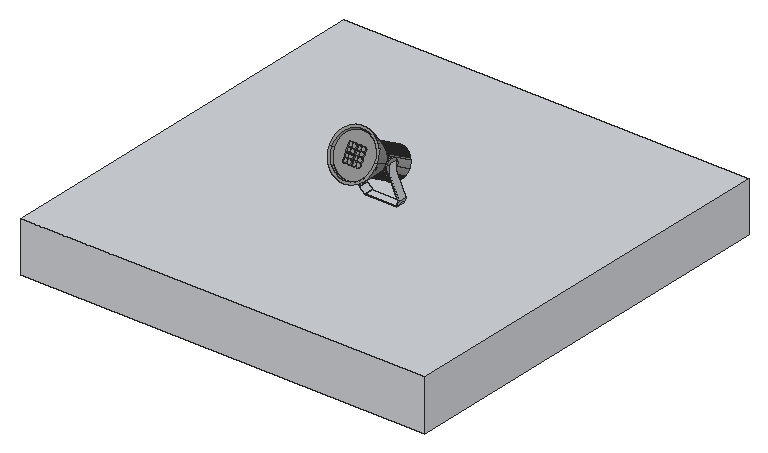
Revit family "LAMP_SHOT 290 G2", category Modelos genéricos, Revit 2018
Family settings
  Anfitrión = Cara
  Puede alojar armadura = No
  Cota de conector redondo = Diámetro de uso
  Tipo de pieza = Normal
  Corte con vacíos al cargar = No
  Compartido = No
  Punto de cálculo de habitación = No
Parameters (values of type "4011LM 3000 SPOT")
  Weight = 8.608 kg
  Type = "HI POWER PHILIPS"
  Tilting [instance] = 30.00°
  Protection rating = "IP65 / IK08"
  Product datasheet = "http://www.lamp.es/product-files/TECH/SH22965SP830NG-EN.pdf"
  Product code = "SH22965SP830NG"
  Product URL = "http://www.lamp.es/en/family/shot_33486"
  Power Supply = "220-240V 50/60Hz"
  Power = 44 W
  Plum = 48 W
  Photometric web file = Cabeza Shot : 4011LM 3000 SPOT
  Modelo = Product code  # "SH22965SP830NG"
  Model explanation = "Availability of tilting between -50º and 215º when placed in a project."
  Manufacturer name = "LAMP"
  Manufacturer country = "Spain"
  Manufacturer URL = "http://www.lamp.es/en"
  MacAdam = "4"
  Luminaire type = "Outdoor - Spotlight"
  Last update = "21/02/2022"
  Lamp = "HIGH POWER LED"
  LED Lifetime = "60.000 L80 B10"
  Insulation class = "I"
  Installation instructions = "http://www.lamp.es/product-files/INS/1003950-D-INSTR.%20SHOT%20LED%20VIAL%20290-380.pdf"
  Initial intensity = 4011 lm
  Initial color = 3000 K
  IEE = "A+"
  Gear = "Electronic"
  Finish = "Texturised grey"
  Fabricante = Manufacturer name  # "LAMP"
  Default Elevation = 1219.2 mm
  Efficacy = 83.6 lm/W
  Descripción = "SHOT 290 G2 6500 8WW SP GR."
  Comentarios de tipo = Model explanation  # "Availability of tilting between -50º and 215º when placed in a project."
  CRI = "80"
  Angulo de rotacion [instance] = if(Tilting > 215.00°, 235.00°, if(Tilting < -50.00°, 140.00°, -Tilting + 90.00°))  # 60.00°
Reference planes
  plane 1 "Centro (Frontal/Posterior)": y = 0
  plane 2: z = 0
  plane 3 "Centro (Izquierda/Derecha)": x = 0
  plane 4: y = -82.648
  plane 5: z = 253.159
Forms (mm)
  Extrusion 1, solid
    sketch origin (0, 0, 0) x (1, 0, 0) y (0, 1, 0)
      loop
        line (-1219.2, 1219.2) -> (-1219.2, -1219.2) -> (1219.2, -1219.2) -> (1219.2, 1219.2) -> (-1219.2, 1219.2)
    from 0 to -304.8
  Extrusion 2, solid
    sketch origin (0, 0, 0) x (0, 1, 0) y (0, 0, 1)
      loop
        line (25, 0) -> (25, 12.8) -> (-56.332, 221.405)
        arc (-56.332, 221.405) -> (-57.353, 224.974) -> (-57.698, 228.67) r 20
        line (-57.698, 228.67) -> (-57.698, 268.209) -> (-62.648, 273.159) -> (-102.648, 273.159) -> (-107.597, 268.209) -> (-107.597, 217.97)
        arc (-107.597, 217.97) -> (-107.253, 214.274) -> (-106.231, 210.705) r 20
        line (-106.231, 210.705) -> (-24.081, 0) -> (25, 0)
      loop
        circle (-64.448, 253.109) r 2.75
      loop
        circle (-100.847, 253.109) r 2.75
      loop
        circle (-82.648, 253.159) r 5.5
    from -117 to 117
  Extrusion 3, void
    sketch origin (0, 0, 0) x (1, 0, 0) y (0, 0, 1)
      loop
        arc (89.665, 4) -> (92.249, 4.719) -> (94.089, 6.67) r 5
        line (94.089, 6.67) -> (113.442, 43.423)
        arc (113.442, 43.423) -> (113.872, 44.553) -> (114.018, 45.753) r 5
        line (114.018, 45.753) -> (114.018, 273.159) -> (-114.018, 273.159) -> (-114.018, 45.214)
        arc (-114.018, 45.214) -> (-113.872, 44.014) -> (-113.442, 42.884) r 5
        line (-113.442, 42.884) -> (-94.373, 6.67)
        arc (-94.373, 6.67) -> (-92.533, 4.719) -> (-89.949, 4) r 5
        line (-89.949, 4) -> (89.665, 4)
      loop
        arc (97.769, 5.074) -> (94.273, 1.367) -> (89.363, 0) r 9.5
        line (89.363, 0) -> (129.363, 0) -> (129.363, 273.159) -> (118.018, 273.159) -> (118.018, 228.964) -> (118.018, 44.764)
        arc (118.018, 44.764) -> (117.872, 43.564) -> (117.442, 42.435) r 5
        line (117.442, 42.435) -> (97.769, 5.074)
      loop
        line (-97.769, 5.074) -> (-117.442, 42.435)
        arc (-117.442, 42.435) -> (-117.872, 43.564) -> (-118.018, 44.764) r 5
        line (-118.018, 44.764) -> (-118.018, 228.964) -> (-118.018, 273.159) -> (-122.492, 273.159) -> (-122.492, 0) -> (-89.363, 0)
        arc (-89.363, 0) -> (-94.273, 1.367) -> (-97.769, 5.074) r 9.5
    from -25 to 107.597
Cuts and joins
  Extrusion 3 cuts Extrusion 2
Lines and regions (mm)
  reference lines
    curve 1: line (0, -82.648, 253.159) -> (0, -135.524, 283.687)
Text (mm)
  text "Any modification of the parameters and properties of the LAMP BIM models must be executed and validated by the LAMP technical department.\nPhone: +34 93 736 68 00\nE-mail: lamp@lamp.es\n\nLAMP reserves the right to modify the technical specifications of its products." at (12642.459, 20030.478, -12024.968), in view "Preview"
Dimensions and locks
  "Angulo de rotacion": angle curve 1 to plane 4
  aligned and locked: plane 2 to Extrusion 1
  aligned and locked: level to Extrusion 1
  aligned and locked: plane 4 to curve 1
  aligned and locked: plane 5 to curve 1
Automatic sketch dimensions
  Extrusion 1 sketch curve to Extrusion 1 sketch curve = 2438.4 mm  (x2)
  Extrusion 2 sketch curve to plane 4 = 0 mm
  Extrusion 2 sketch curve to level = 0 mm
  plane 5 to Extrusion 2 sketch curve = 0 mm
  Extrusion 2 sketch curve to plane 4 = 4.95 mm
  plane 5 to Extrusion 2 sketch curve = 0.05 mm  (x2)
  Extrusion 2 sketch curve to plane 4 = 18.2 mm
  Extrusion 2 sketch curve to plane 4 = 20 mm
  Extrusion 2 sketch curve to Extrusion 2 sketch curve = 18.634 mm
  Extrusion 2 sketch curve to Extrusion 2 sketch curve = 4.95 mm  (x3)
  plane 4 to Extrusion 2 sketch curve = 18.2 mm
  plane 4 to Extrusion 2 sketch curve = 20 mm
  Extrusion 2 sketch curve to Extrusion 2 sketch curve = 1.366 mm
  Extrusion 2 sketch curve to Extrusion 2 sketch curve = 20 mm
  plane 1 "Centro (Frontal/Posterior)" to Extrusion 2 sketch curve = 24.081 mm
  Extrusion 2 sketch curve to plane 1 "Centro (Frontal/Posterior)" = 25 mm
  Extrusion 2 sketch curve to Extrusion 2 sketch curve = 12.8 mm
  plane 5 to Extrusion 2 sketch curve = 42.454 mm
  Extrusion 2 sketch curve to Extrusion 2 sketch curve = 3.435 mm
  Extrusion 2 sketch curve to plane 5 = 15.05 mm  (x2)
  Extrusion 3 sketch curve to level = 0 mm  (x2)
  Extrusion 3 sketch curve to plane 5 = 20 mm  (x2)
  Extrusion 3 sketch curve to plane 3 "Centro (Izquierda/Derecha)" = 122.492 mm
  Extrusion 3 sketch curve to Extrusion 3 sketch curve = 4.474 mm
  level to Extrusion 3 sketch curve = 42.435 mm  (x2)
  Extrusion 3 sketch curve to Extrusion 3 sketch curve = 0.576 mm  (x2)
  Extrusion 3 sketch curve to Extrusion 3 sketch curve = 4 mm  (x5)
  level to Extrusion 3 sketch curve = 42.884 mm
  Extrusion 3 sketch curve to Extrusion 3 sketch curve = 1 mm
  level to Extrusion 3 sketch curve = 5.074 mm  (x2)
  Extrusion 3 sketch curve to Extrusion 3 sketch curve = 24.723 mm
  level to Extrusion 3 sketch curve = 6.67 mm  (x2)
  Extrusion 3 sketch curve to Extrusion 3 sketch curve = 3.396 mm
  Extrusion 3 sketch curve to Extrusion 3 sketch curve = 4.424 mm  (x2)
  Extrusion 3 sketch curve to Extrusion 3 sketch curve = 0.586 mm
  level to Extrusion 3 sketch curve = 9.5 mm
  plane 3 "Centro (Izquierda/Derecha)" to Extrusion 3 sketch curve = 89.363 mm
  Extrusion 3 sketch curve to Extrusion 3 sketch curve = 0.302 mm
  Extrusion 3 sketch curve to Extrusion 3 sketch curve = 19.655 mm
  level to Extrusion 3 sketch curve = 43.423 mm
  Extrusion 3 sketch curve to Extrusion 3 sketch curve = 0.424 mm
  plane 3 "Centro (Izquierda/Derecha)" to Extrusion 3 sketch curve = 114.018 mm
  plane 5 to Extrusion 3 sketch curve = 24.194 mm  (x2)
  Extrusion 3 sketch curve to Extrusion 3 sketch curve = 11.345 mm
  level to Extrusion 3 sketch curve = 4 mm
  Extrusion 3 sketch curve to Extrusion 3 sketch curve = 0 mm
  radius of Extrusion 2 sketch curve = 2.75 mm  (x2)
  radius of Extrusion 2 sketch curve = 5.5 mm
Nested families
  nested 1: "Cabeza Shot" at (0, -1460.927, 1048.909) x (-1, 0, 0) z (0, 0.866, -0.5), type <- "Photometric web file", type "4011LM 3000 SPOT"
Connectors
  electrical at (0, 100.637, 203.616)
    settings: on nested 1, index 1, voltage 230 V, apparent load 0 VA, apparent load phase1 0 VA, apparent load phase2 0 VA, apparent load phase3 0 VA, power factor 1, load classification "Otro", number of poles 1, system type 31, power factor state 1, is connector primary yes, connector utility no, sub classification motor no, connector description ""
Definition of nested family "Cabeza Shot"
  Parameters (values of type "4400LM 4000 STREET")
    Tilt Angle = 90.00°
    Wattage = 48 W
    built-in parameter 1150110 = 1 (stored number, unit not read)
    Material serigrafiado = none
    Material cristal = none
    Material cabeza = none
    built-in parameter 1114217 = 1 (stored number, unit not read)
    built-in parameter 1150109 = 1 (stored number, unit not read)
    Default Elevation = 1219.2 mm
    Dist. luz = 20 mm
    built-in parameter 1150134 = 12
    built-in parameter 1150113 = 1 (stored number, unit not read)
    Lumens = 4401.6 lm
    built-in parameter 1150115 = 1 (stored number, unit not read)
    built-in parameter 1150105 = 18518.3 (stored number, unit not read)
    built-in parameter 1150137 = (empty or 0)
    built-in parameter 1150139 = (empty or 0)
    built-in parameter 1150112 = 1 (stored number, unit not read)
    built-in parameter 1150114 = 1 (stored number, unit not read)
    built-in parameter 1150132 = 2
    built-in parameter 1150102 = (empty or 0)
    built-in parameter 1150138 = (empty or 0)
    built-in parameter 1150107 = 4000 (stored number, unit not read)
    built-in parameter 1150106 = 185.18 (stored number, unit not read)
    built-in parameter 1150104 = 8.5192 (stored number, unit not read)
    Dimming Lamp Color Temperature Shift = (empty or 0)
    Color Filter = 16777215
    built-in parameter 1114218 = 1 (stored number, unit not read)
    Photometric Web File = "SH22965ST840NG.IES"
    built-in parameter 1150133 = 10 (stored number, unit not read)
  Types (7, lengths in mm): name | built-in parameter 1150134 | Lumens | built-in parameter 1150105 | built-in parameter 1150107 | built-in parameter 1150106 | built-in parameter 1150104 | Photometric Web File
    (no name) | 12 | 4401.6 lm | 18518.3 (stored number, unit not read) | 4000 (stored number, unit not read) | 185.18 (stored number, unit not read) | 8.5192 (stored number, unit not read) | "SH22965ST840NG.IES"
    4011LM 3000 SPOT | (empty or 0) | 4012.8 lm | 319.33 (stored number, unit not read) | 3000 (stored number, unit not read) | 3.1933 (stored number, unit not read) | 7.7667 (stored number, unit not read) | "SH22965SP830NG.IES"
    4068LM 3000 MEDIUM FLOOD | (empty or 0) | 4070.4 lm | 41109.7 (stored number, unit not read) | 3000 (stored number, unit not read) | 411.1 (stored number, unit not read) | 7.8782 (stored number, unit not read) | "SH22965MF830NG.IES"
    4179LM 3000 STREET | (empty or 0) | 4180.8 lm | 17589.3 (stored number, unit not read) | 3000 (stored number, unit not read) | 175.89 (stored number, unit not read) | 8.0919 (stored number, unit not read) | "SH22965ST830NG.IES"
    4223LM 4000 SPOT | 12 | 4224 lm | 3234.5 (stored number, unit not read) | 4000 (stored number, unit not read) | 32.345 (stored number, unit not read) | 8.1755 (stored number, unit not read) | "SH22965SP840NG.IES"
    4282LM 4000 MEDIUM FLOOD | 12 | 4281.6 lm | 43242.7 (stored number, unit not read) | 4000 (stored number, unit not read) | 432.43 (stored number, unit not read) | 8.287 (stored number, unit not read) | "SH22965MF840NG.IES"
    4400LM 4000 STREET | 12 | 4401.6 lm | 18518.3 (stored number, unit not read) | 4000 (stored number, unit not read) | 185.18 (stored number, unit not read) | 8.5192 (stored number, unit not read) | "SH22965ST840NG.IES"
  Reference planes
    plane 1 "Eje de origen de luz (F/P)": y = 0
    plane 2: z = 0
    plane 3 "Eje de origen de luz (I/D)": x = 0
    plane 4 "Elevación de origen de luz": z = 1400
    plane 5: z = 1420
  Forms (mm)
    Extrusion 1, void
      sketch origin (0, 0, 1515) x (0, -1, 0) y (1, 0, 0)
        loop
          line (-12.5, -89.128) -> (-12.5, -53.047)
          arc (-12.5, -53.047) -> (-54.5, 0) -> (-12.5, 53.047) r 54.5
          line (-12.5, 53.047) -> (-12.5, 89.128) -> (-92.5, 89.128) -> (-92.5, -89.128) -> (-12.5, -89.128)
        loop
          line (12.5, -89.128) -> (92.5, -89.128) -> (92.5, 89.128) -> (12.5, 89.128) -> (12.5, 53.047)
          arc (12.5, 53.047) -> (54.5, 0) -> (12.5, -53.047) r 54.5
          line (12.5, -53.047) -> (12.5, -89.128)
      from 20 to 65
    Extrusion 2, solid, material <- "Material serigrafiado"
      sketch origin (0, 0, 1411) x (0, -1, 0) y (1, 0, 0)
        loop
          circle (0, 0) r 128.984
        loop
          line (-52.5, -2) -> (-52.5, -52.5) -> (-2, -52.5) -> (-2, -2) -> (-52.5, -2)
        loop
          line (52.5, -2) -> (2, -2) -> (2, -52.5) -> (52.5, -52.5) -> (52.5, -2)
        loop
          line (-52.5, 2) -> (-2, 2) -> (-2, 52.5) -> (-52.5, 52.5) -> (-52.5, 2)
        loop
          line (52.5, 2) -> (52.5, 52.5) -> (2, 52.5) -> (2, 2) -> (52.5, 2)
      from 19 to 29
    Extrusion 3, solid, material <- "Material cristal"
      sketch origin (0, 0, 1411) x (0, -1, 0) y (1, 0, 0)
        loop
          circle (-39.875, -39.875) r 12.5
        loop
          circle (-39.875, -14.525) r 12.5
        loop
          circle (-14.625, -39.875) r 12.5
        loop
          circle (-14.625, -14.525) r 12.5
        loop
          circle (-39.875, 39.875) r 12.5
        loop
          circle (-39.875, 14.525) r 12.5
        loop
          circle (-14.625, 39.875) r 12.5
        loop
          circle (-14.625, 14.525) r 12.5
        loop
          circle (39.875, -39.875) r 12.5
        loop
          circle (39.875, -14.525) r 12.5
        loop
          circle (14.625, -39.875) r 12.5
        loop
          circle (14.625, -14.525) r 12.5
        loop
          circle (39.875, 39.875) r 12.5
        loop
          circle (39.875, 14.525) r 12.5
        loop
          circle (14.625, 39.875) r 12.5
        loop
          circle (14.625, 14.525) r 12.5
      from 19 to 29
    Extrusion 4, solid
      sketch origin (0, 0, 1410) x (0, -1, 0) y (1, 0, 0)
        loop
          arc (7.451, -19.911) -> (7.978, -19.693) -> (8.196, -19.165) r 0.745
          line (8.196, -19.165) -> (8.196, -14.626)
          arc (8.196, -14.626) -> (8.052, -14.176) -> (7.673, -13.893) r 0.775
          line (7.673, -13.893) -> (-5.522, -9.353) -> (7.601, -4.838)
          arc (7.601, -4.838) -> (7.957, -4.572) -> (8.092, -4.15) r 0.727
          line (8.092, -4.15) -> (8.092, -0.729)
          arc (8.092, -0.729) -> (7.879, -0.213) -> (7.363, 0) r 0.729
          line (7.363, 0) -> (-5.453, 0) -> (-1.499, 3.954) -> (-5.605, 8.059) -> (7.489, 8.059)
          arc (7.489, 8.059) -> (7.989, 8.267) -> (8.196, 8.767) r 0.708
          line (8.196, 8.767) -> (8.196, 13.844)
          arc (8.196, 13.844) -> (7.972, 14.385) -> (7.43, 14.61) r 0.766
          line (7.43, 14.61) -> (-4.969, 14.61)
          arc (-4.969, 14.61) -> (-5.493, 14.826) -> (-5.71, 15.35) r 0.74
          line (-5.71, 15.35) -> (-5.71, 18.794)
          arc (-5.71, 18.794) -> (-5.486, 19.333) -> (-4.947, 19.556) r 0.762
          line (-4.947, 19.556) -> (-2.345, 19.556)
          arc (-2.345, 19.556) -> (-1.81, 19.334) -> (-1.588, 18.799) r 0.758
          line (-1.588, 18.799) -> (-1.588, 15.627)
          arc (-1.588, 15.627) -> (-0.763, 14.803) -> (0.061, 15.627) r 0.824
          line (0.061, 15.627) -> (0.061, 20.466)
          arc (0.061, 20.466) -> (-0.155, 20.988) -> (-0.678, 21.205) r 0.739
          line (-0.678, 21.205) -> (-6.583, 21.205)
          arc (-6.583, 21.205) -> (-7.131, 20.978) -> (-7.359, 20.429) r 0.776
          line (-7.359, 20.429) -> (-7.359, 13.727)
          arc (-7.359, 13.727) -> (-7.134, 13.185) -> (-6.593, 12.961) r 0.766
          line (-6.593, 12.961) -> (5.802, 12.961)
          arc (5.802, 12.961) -> (6.344, 12.736) -> (6.569, 12.195) r 0.766
          line (6.569, 12.195) -> (6.569, 10.499)
          arc (6.569, 10.499) -> (6.346, 9.96) -> (5.807, 9.737) r 0.762
          line (5.807, 9.737) -> (-5.841, 9.737)
          arc (-5.841, 9.737) -> (-7.503, 8.541) -> (-6.897, 6.585) r 1.753
          line (-6.897, 6.585) -> (-4.266, 3.954) -> (-6.897, 1.323)
          arc (-6.897, 1.323) -> (-7.503, -0.633) -> (-5.841, -1.829) r 1.753
          line (-5.841, -1.829) -> (5.62, -1.829)
          arc (5.62, -1.829) -> (6.553, -2.619) -> (5.928, -3.669) r 0.946
          line (5.928, -3.669) -> (-6.305, -7.877)
          arc (-6.305, -7.877) -> (-7.359, -9.353) -> (-6.305, -10.829) r 1.561
          line (-6.305, -10.829) -> (6.05, -15.078)
          arc (6.05, -15.078) -> (6.426, -15.359) -> (6.569, -15.805) r 0.768
          line (6.569, -15.805) -> (6.569, -17.529)
          arc (6.569, -17.529) -> (6.354, -18.047) -> (5.836, -18.262) r 0.733
          line (5.836, -18.262) -> (-6.622, -18.262)
          arc (-6.622, -18.262) -> (-7.446, -19.086) -> (-6.622, -19.911) r 0.824
          line (-6.622, -19.911) -> (7.451, -19.911)
      from 365 to 366
    Revolve 5, solid, material <- "Material cabeza"
      sketch origin (0, 0, 125) x (1, 0, 0) y (0, 0, 1)
        loop
          line (90, 1420) -> (90, 1650) -> (0, 1650) -> (0, 1420) -> (85, 1420) -> (90, 1420)
        axis (0, 1650) -> (0, 1420)
      angle from 0 to 360
    Extrusion 6, void
      sketch origin (0, 0, 1525) x (0, -1, 0) y (1, 0, 0)
        loop
          arc (77.945, -53.1) -> (79.496, -50.873) -> (80.98, -48.6) r 90
          line (80.98, -48.6) -> (-80.88, -48.6)
          arc (-80.88, -48.6) -> (-79.408, -50.873) -> (-77.868, -53.1) r 90
          line (-77.868, -53.1) -> (77.945, -53.1)
        loop
          arc (89.817, -46) -> (91.051, -43.767) -> (92.221, -41.5) r 90
          line (92.221, -41.5) -> (-85.289, -41.5)
          arc (-85.289, -41.5) -> (-84.068, -43.768) -> (-82.784, -46) r 90
          line (-82.784, -46) -> (89.817, -46)
        loop
          arc (90.244, -38.9) -> (91.27, -36.664) -> (92.234, -34.4) r 90
          line (92.234, -34.4) -> (-88.096, -34.4)
          arc (-88.096, -34.4) -> (-87.105, -36.664) -> (-86.053, -38.9) r 90
          line (-86.053, -38.9) -> (90.244, -38.9)
        loop
          arc (93.151, -31.8) -> (93.98, -29.511) -> (94.747, -27.2) r 90
          line (94.747, -27.2) -> (-90.762, -27.2)
          arc (-90.762, -27.2) -> (-90.003, -29.511) -> (-89.182, -31.8) r 90
          line (-89.182, -31.8) -> (93.151, -31.8)
        loop
          line (96.162, -20.002) -> (14.323, -20.002)
          arc (14.323, -20.002) -> (0, -24.601) -> (-14.323, -20.002) r 24.601
          line (-14.323, -20.002) -> (-92.905, -20.002)
          arc (-92.905, -20.002) -> (-92.307, -22.466) -> (-91.639, -24.912) r 89.999
          line (-91.639, -24.912) -> (94.896, -24.912)
          arc (94.896, -24.912) -> (95.564, -22.466) -> (96.162, -20.002) r 89.999
        loop
          line (17.4, -17.4) -> (95.682, -17.4)
          arc (95.682, -17.4) -> (96.097, -15.105) -> (96.451, -12.8) r 90
          line (96.451, -12.8) -> (21.016, -12.8)
          arc (21.016, -12.8) -> (19.345, -15.208) -> (17.4, -17.4) r 24.607
        loop
          arc (23.962, -5.6) -> (23.292, -7.939) -> (22.394, -10.2) r 24.607
          line (22.394, -10.2) -> (96.141, -10.2)
          arc (96.141, -10.2) -> (96.388, -7.903) -> (96.575, -5.6) r 90
          line (96.575, -5.6) -> (23.962, -5.6)
        loop
          line (24.5, -2.3) -> (98.648, -2.3)
          arc (98.648, -2.3) -> (98.684, 0) -> (98.661, 2.3) r 90
          line (98.661, 2.3) -> (24.5, 2.3)
          arc (24.5, 2.3) -> (24.607, 0) -> (24.5, -2.3) r 24.607
        loop
          line (81.988, 53.1) -> (-77.922, 53.1)
          arc (-77.922, 53.1) -> (-79.482, 50.873) -> (-80.974, 48.6) r 90
          line (-80.974, 48.6) -> (84.861, 48.6)
          arc (84.861, 48.6) -> (83.458, 50.871) -> (81.988, 53.1) r 90
        loop
          line (82.784, 46) -> (-82.237, 46)
          arc (-82.237, 46) -> (-83.495, 43.767) -> (-84.689, 41.5) r 90
          line (-84.689, 41.5) -> (85.289, 41.5)
          arc (85.289, 41.5) -> (84.068, 43.768) -> (82.784, 46) r 90
        loop
          line (86.044, 38.9) -> (-85.348, 38.9)
          arc (-85.348, 38.9) -> (-86.377, 36.664) -> (-87.344, 34.4) r 90
          line (-87.344, 34.4) -> (88.051, 34.4)
          arc (88.051, 34.4) -> (87.078, 36.664) -> (86.044, 38.9) r 90
        loop
          line (91.251, 31.8) -> (-88.03, 31.8)
          arc (-88.03, 31.8) -> (-88.838, 29.51) -> (-89.583, 27.2) r 90
          line (-89.583, 27.2) -> (92.847, 27.2)
          arc (92.847, 27.2) -> (92.08, 29.511) -> (91.251, 31.8) r 90
        loop
          arc (92.906, 20) -> (92.307, 22.465) -> (91.64, 24.912) r 90
          line (91.64, 24.912) -> (-92.574, 24.912)
          arc (-92.574, 24.912) -> (-93.221, 22.465) -> (-93.798, 20) r 90
          line (-93.798, 20) -> (-14.336, 20)
          arc (-14.336, 20) -> (0, 24.607) -> (14.336, 20) r 24.607
          line (14.336, 20) -> (92.906, 20)
        loop
          arc (17.4, 17.4) -> (19.345, 15.208) -> (21.016, 12.8) r 24.607
          line (21.016, 12.8) -> (96.797, 12.8)
          arc (96.797, 12.8) -> (96.457, 15.105) -> (96.057, 17.4) r 90
          line (96.057, 17.4) -> (17.4, 17.4)
        loop
          line (23.962, 5.6) -> (96.067, 5.6)
          arc (96.067, 5.6) -> (95.894, 7.903) -> (95.662, 10.2) r 90
          line (95.662, 10.2) -> (22.394, 10.2)
          arc (22.394, 10.2) -> (23.292, 7.939) -> (23.962, 5.6) r 24.607
        loop
          arc (-17.4, -17.4) -> (-19.345, -15.208) -> (-21.016, -12.8) r 24.607
          line (-21.016, -12.8) -> (-93.646, -12.8)
          arc (-93.646, -12.8) -> (-93.27, -15.105) -> (-92.834, -17.4) r 90
          line (-92.834, -17.4) -> (-17.4, -17.4)
        loop
          arc (-22.394, -10.2) -> (-23.292, -7.939) -> (-23.962, -5.6) r 24.607
          line (-23.962, -5.6) -> (-94.989, -5.6)
          arc (-94.989, -5.6) -> (-94.811, -7.903) -> (-94.574, -10.2) r 90
          line (-94.574, -10.2) -> (-22.394, -10.2)
        loop
          arc (-24.5, -2.3) -> (-24.607, 0) -> (-24.5, 2.3) r 24.607
          line (-24.5, 2.3) -> (-95.518, 2.3)
          arc (-95.518, 2.3) -> (-95.529, 0) -> (-95.481, -2.3) r 90
          line (-95.481, -2.3) -> (-24.5, -2.3)
        loop
          arc (-23.962, 5.6) -> (-23.292, 7.939) -> (-22.394, 10.2) r 24.607
          line (-22.394, 10.2) -> (-95.049, 10.2)
          arc (-95.049, 10.2) -> (-95.258, 7.902) -> (-95.408, 5.6) r 90
          line (-95.408, 5.6) -> (-23.962, 5.6)
        loop
          arc (-21.016, 12.8) -> (-19.345, 15.208) -> (-17.4, 17.4) r 24.607
          line (-17.4, 17.4) -> (-94.573, 17.4)
          arc (-94.573, 17.4) -> (-94.966, 15.105) -> (-95.299, 12.8) r 90
          line (-95.299, 12.8) -> (-21.016, 12.8)
        loop
          arc (77.945, -67.3) -> (79.496, -65.073) -> (80.98, -62.8) r 90
          line (80.98, -62.8) -> (-80.88, -62.8)
          arc (-80.88, -62.8) -> (-79.408, -65.073) -> (-77.868, -67.3) r 90
          line (-77.868, -67.3) -> (77.945, -67.3)
        loop
          arc (89.817, -60.2) -> (91.051, -57.967) -> (92.221, -55.7) r 90
          line (92.221, -55.7) -> (-85.289, -55.7)
          arc (-85.289, -55.7) -> (-84.068, -57.968) -> (-82.784, -60.2) r 90
          line (-82.784, -60.2) -> (89.817, -60.2)
        loop
          arc (77.945, -81.5) -> (79.496, -79.273) -> (80.98, -77) r 90
          line (80.98, -77) -> (-80.88, -77)
          arc (-80.88, -77) -> (-79.408, -79.273) -> (-77.868, -81.5) r 90
          line (-77.868, -81.5) -> (77.945, -81.5)
        loop
          arc (89.817, -74.4) -> (91.051, -72.167) -> (92.221, -69.9) r 90
          line (92.221, -69.9) -> (-85.289, -69.9)
          arc (-85.289, -69.9) -> (-84.068, -72.168) -> (-82.784, -74.4) r 90
          line (-82.784, -74.4) -> (89.817, -74.4)
        loop
          line (77.945, 67.3) -> (-77.868, 67.3)
          arc (-77.868, 67.3) -> (-79.408, 65.073) -> (-80.88, 62.8) r 90
          line (-80.88, 62.8) -> (80.98, 62.8)
          arc (80.98, 62.8) -> (79.496, 65.073) -> (77.945, 67.3) r 90
        loop
          line (89.817, 60.2) -> (-82.784, 60.2)
          arc (-82.784, 60.2) -> (-84.068, 57.968) -> (-85.289, 55.7) r 90
          line (-85.289, 55.7) -> (92.221, 55.7)
          arc (92.221, 55.7) -> (91.051, 57.967) -> (89.817, 60.2) r 90
        loop
          line (77.945, 81.5) -> (-77.868, 81.5)
          arc (-77.868, 81.5) -> (-79.408, 79.273) -> (-80.88, 77) r 90
          line (-80.88, 77) -> (80.98, 77)
          arc (80.98, 77) -> (79.496, 79.273) -> (77.945, 81.5) r 90
        loop
          line (89.817, 74.4) -> (-82.784, 74.4)
          arc (-82.784, 74.4) -> (-84.068, 72.168) -> (-85.289, 69.9) r 90
          line (-85.289, 69.9) -> (92.221, 69.9)
          arc (92.221, 69.9) -> (91.051, 72.167) -> (89.817, 74.4) r 90
      from 246.6 to 250
    Extrusion 7, void
      sketch origin (0, 0, 1525) x (0, -1, 0) y (1, 0, 0)
        loop
          line (-38.18, -81.5) -> (-24.14, -81.5)
          arc (-24.14, -81.5) -> (-30.154, -79.472) -> (-36, -77) r 85
          line (-36, -77) -> (-46.594, -77)
          arc (-46.594, -77) -> (-42.447, -79.362) -> (-38.18, -81.5) r 90
        loop
          line (-50.642, -74.4) -> (-41.105, -74.4)
          arc (-41.105, -74.4) -> (-44.791, -72.241) -> (-48.363, -69.9) r 85
          line (-48.363, -69.9) -> (-56.692, -69.9)
          arc (-56.692, -69.9) -> (-53.714, -72.213) -> (-50.642, -74.4) r 90
        loop
          line (-59.755, -67.3) -> (-51.92, -67.3)
          arc (-51.92, -67.3) -> (-54.647, -65.105) -> (-57.281, -62.8) r 85
          line (-57.281, -62.8) -> (-64.468, -62.8)
          arc (-64.468, -62.8) -> (-62.153, -65.093) -> (-59.755, -67.3) r 90
        loop
          line (-66.903, -60.2) -> (-60.2, -60.2)
          arc (-60.2, -60.2) -> (-62.334, -57.988) -> (-64.386, -55.7) r 85.136
          line (-64.386, -55.7) -> (-70.693, -55.7)
          arc (-70.693, -55.7) -> (-68.835, -57.981) -> (-66.903, -60.2) r 90
        loop
          line (-72.666, -53.1) -> (-66.373, -53.1)
          arc (-66.373, -53.1) -> (-68.091, -50.878) -> (-69.736, -48.6) r 85
          line (-69.736, -48.6) -> (-75.75, -48.6)
          arc (-75.75, -48.6) -> (-74.242, -50.873) -> (-72.666, -53.1) r 90
        loop
          line (-77.356, -46) -> (-71.477, -46)
          arc (-71.477, -46) -> (-72.864, -43.771) -> (-74.181, -41.5) r 85
          line (-74.181, -41.5) -> (-79.861, -41.5)
          arc (-79.861, -41.5) -> (-78.641, -43.768) -> (-77.356, -46) r 90
        loop
          line (-81.159, -38.9) -> (-75.576, -38.9)
          arc (-75.576, -38.9) -> (-76.685, -36.666) -> (-77.728, -34.4) r 85
          line (-77.728, -34.4) -> (-83.166, -34.4)
          arc (-83.166, -34.4) -> (-82.193, -36.664) -> (-81.159, -38.9) r 90
        loop
          line (-84.195, -31.8) -> (-78.827, -31.8)
          arc (-78.827, -31.8) -> (-79.712, -29.512) -> (-80.53, -27.2) r 85
          line (-80.53, -27.2) -> (-85.791, -27.2)
          arc (-85.791, -27.2) -> (-85.024, -29.511) -> (-84.195, -31.8) r 90
        loop
          line (-86.483, -24.912) -> (-81.267, -24.912)
          arc (-81.267, -24.912) -> (-81.977, -22.467) -> (-82.613, -20.002) r 85
          line (-82.613, -20.002) -> (-87.749, -20.002)
          arc (-87.749, -20.002) -> (-87.151, -22.466) -> (-86.483, -24.912) r 90
        loop
          line (-88.302, -17.4) -> (-83.2, -17.4)
          arc (-83.2, -17.4) -> (-83.647, -15.106) -> (-84.031, -12.8) r 85
          line (-84.031, -12.8) -> (-89.085, -12.8)
          arc (-89.085, -12.8) -> (-88.723, -15.105) -> (-88.302, -17.4) r 90
        loop
          line (-89.42, -10.2) -> (-84.386, -10.2)
          arc (-84.386, -10.2) -> (-84.632, -7.903) -> (-84.815, -5.6) r 85
          line (-84.815, -5.6) -> (-89.826, -5.6)
          arc (-89.826, -5.6) -> (-89.652, -7.903) -> (-89.42, -10.2) r 90
        loop
          arc (-38.18, 81.5) -> (-42.447, 79.362) -> (-46.594, 77) r 90
          line (-46.594, 77) -> (-36, 77)
          arc (-36, 77) -> (-30.154, 79.472) -> (-24.14, 81.5) r 85
          line (-24.14, 81.5) -> (-38.18, 81.5)
        loop
          arc (-50.642, 74.4) -> (-53.714, 72.213) -> (-56.692, 69.9) r 90
          line (-56.692, 69.9) -> (-48.363, 69.9)
          arc (-48.363, 69.9) -> (-44.791, 72.241) -> (-41.105, 74.4) r 85
          line (-41.105, 74.4) -> (-50.642, 74.4)
        loop
          arc (-59.755, 67.3) -> (-62.153, 65.093) -> (-64.468, 62.8) r 90
          line (-64.468, 62.8) -> (-57.281, 62.8)
          arc (-57.281, 62.8) -> (-54.647, 65.105) -> (-51.92, 67.3) r 85
          line (-51.92, 67.3) -> (-59.755, 67.3)
        loop
          arc (-66.903, 60.2) -> (-68.835, 57.981) -> (-70.693, 55.7) r 90
          line (-70.693, 55.7) -> (-64.386, 55.7)
          arc (-64.386, 55.7) -> (-62.334, 57.988) -> (-60.2, 60.2) r 85.136
          line (-60.2, 60.2) -> (-66.903, 60.2)
        loop
          arc (-72.666, 53.1) -> (-74.242, 50.873) -> (-75.75, 48.6) r 90
          line (-75.75, 48.6) -> (-69.736, 48.6)
          arc (-69.736, 48.6) -> (-68.091, 50.878) -> (-66.373, 53.1) r 85
          line (-66.373, 53.1) -> (-72.666, 53.1)
        loop
          arc (-77.356, 46) -> (-78.641, 43.768) -> (-79.861, 41.5) r 90
          line (-79.861, 41.5) -> (-74.181, 41.5)
          arc (-74.181, 41.5) -> (-72.864, 43.771) -> (-71.477, 46) r 85
          line (-71.477, 46) -> (-77.356, 46)
        loop
          arc (-81.159, 38.9) -> (-82.193, 36.664) -> (-83.166, 34.4) r 90
          line (-83.166, 34.4) -> (-77.728, 34.4)
          arc (-77.728, 34.4) -> (-76.685, 36.666) -> (-75.576, 38.9) r 85
          line (-75.576, 38.9) -> (-81.159, 38.9)
        loop
          arc (-84.195, 31.8) -> (-85.024, 29.511) -> (-85.791, 27.2) r 90
          line (-85.791, 27.2) -> (-80.53, 27.2)
          arc (-80.53, 27.2) -> (-79.712, 29.512) -> (-78.827, 31.8) r 85
          line (-78.827, 31.8) -> (-84.195, 31.8)
        loop
          arc (-86.483, 24.912) -> (-87.151, 22.466) -> (-87.749, 20.002) r 90
          line (-87.749, 20.002) -> (-82.613, 20.002)
          arc (-82.613, 20.002) -> (-81.977, 22.467) -> (-81.267, 24.912) r 85
          line (-81.267, 24.912) -> (-86.483, 24.912)
        loop
          arc (-88.302, 17.4) -> (-88.723, 15.105) -> (-89.085, 12.8) r 90
          line (-89.085, 12.8) -> (-84.031, 12.8)
          arc (-84.031, 12.8) -> (-83.647, 15.106) -> (-83.2, 17.4) r 85
          line (-83.2, 17.4) -> (-88.302, 17.4)
        loop
          arc (-89.42, 10.2) -> (-89.652, 7.903) -> (-89.826, 5.6) r 90
          line (-89.826, 5.6) -> (-84.815, 5.6)
          arc (-84.815, 5.6) -> (-84.632, 7.903) -> (-84.386, 10.2) r 85
          line (-84.386, 10.2) -> (-89.42, 10.2)
        loop
          line (-89.971, -2.3) -> (-84.969, -2.3)
          arc (-84.969, -2.3) -> (-85, 0) -> (-84.969, 2.3) r 85
          line (-84.969, 2.3) -> (-89.971, 2.3)
          arc (-89.971, 2.3) -> (-90, 0) -> (-89.971, -2.3) r 90
        loop
          arc (38.18, -81.5) -> (42.447, -79.362) -> (46.594, -77) r 90
          line (46.594, -77) -> (36, -77)
          arc (36, -77) -> (30.154, -79.472) -> (24.14, -81.5) r 85
          line (24.14, -81.5) -> (38.18, -81.5)
        loop
          arc (50.642, -74.4) -> (53.714, -72.213) -> (56.692, -69.9) r 90
          line (56.692, -69.9) -> (48.363, -69.9)
          arc (48.363, -69.9) -> (44.791, -72.241) -> (41.105, -74.4) r 85
          line (41.105, -74.4) -> (50.642, -74.4)
        loop
          arc (59.755, -67.3) -> (62.153, -65.093) -> (64.468, -62.8) r 90
          line (64.468, -62.8) -> (57.281, -62.8)
          arc (57.281, -62.8) -> (54.647, -65.105) -> (51.92, -67.3) r 85
          line (51.92, -67.3) -> (59.755, -67.3)
        loop
          arc (66.903, -60.2) -> (68.835, -57.981) -> (70.693, -55.7) r 90
          line (70.693, -55.7) -> (64.386, -55.7)
          arc (64.386, -55.7) -> (62.334, -57.988) -> (60.2, -60.2) r 85.136
          line (60.2, -60.2) -> (66.903, -60.2)
        loop
          arc (72.666, -53.1) -> (74.242, -50.873) -> (75.75, -48.6) r 90
          line (75.75, -48.6) -> (69.736, -48.6)
          arc (69.736, -48.6) -> (68.091, -50.878) -> (66.373, -53.1) r 85
          line (66.373, -53.1) -> (72.666, -53.1)
        loop
          arc (77.356, -46) -> (78.641, -43.768) -> (79.861, -41.5) r 90
          line (79.861, -41.5) -> (74.181, -41.5)
          arc (74.181, -41.5) -> (72.864, -43.771) -> (71.477, -46) r 85
          line (71.477, -46) -> (77.356, -46)
        loop
          arc (81.159, -38.9) -> (82.193, -36.664) -> (83.166, -34.4) r 90
          line (83.166, -34.4) -> (77.728, -34.4)
          arc (77.728, -34.4) -> (76.685, -36.666) -> (75.576, -38.9) r 85
          line (75.576, -38.9) -> (81.159, -38.9)
        loop
          arc (84.195, -31.8) -> (85.024, -29.511) -> (85.791, -27.2) r 90
          line (85.791, -27.2) -> (80.53, -27.2)
          arc (80.53, -27.2) -> (79.712, -29.512) -> (78.827, -31.8) r 85
          line (78.827, -31.8) -> (84.195, -31.8)
        loop
          arc (86.483, -24.912) -> (87.151, -22.466) -> (87.749, -20.002) r 90
          line (87.749, -20.002) -> (82.613, -20.002)
          arc (82.613, -20.002) -> (81.977, -22.467) -> (81.267, -24.912) r 85
          line (81.267, -24.912) -> (86.483, -24.912)
        loop
          arc (88.302, -17.4) -> (88.723, -15.105) -> (89.085, -12.8) r 90
          line (89.085, -12.8) -> (84.031, -12.8)
          arc (84.031, -12.8) -> (83.647, -15.106) -> (83.2, -17.4) r 85
          line (83.2, -17.4) -> (88.302, -17.4)
        loop
          arc (89.42, -10.2) -> (89.652, -7.903) -> (89.826, -5.6) r 90
          line (89.826, -5.6) -> (84.815, -5.6)
          arc (84.815, -5.6) -> (84.632, -7.903) -> (84.386, -10.2) r 85
          line (84.386, -10.2) -> (89.42, -10.2)
        loop
          line (38.18, 81.5) -> (24.14, 81.5)
          arc (24.14, 81.5) -> (30.154, 79.472) -> (36, 77) r 85
          line (36, 77) -> (46.594, 77)
          arc (46.594, 77) -> (42.447, 79.362) -> (38.18, 81.5) r 90
        loop
          line (50.642, 74.4) -> (41.105, 74.4)
          arc (41.105, 74.4) -> (44.791, 72.241) -> (48.363, 69.9) r 85
          line (48.363, 69.9) -> (56.692, 69.9)
          arc (56.692, 69.9) -> (53.714, 72.213) -> (50.642, 74.4) r 90
        loop
          line (59.755, 67.3) -> (51.92, 67.3)
          arc (51.92, 67.3) -> (54.647, 65.105) -> (57.281, 62.8) r 85
          line (57.281, 62.8) -> (64.468, 62.8)
          arc (64.468, 62.8) -> (62.153, 65.093) -> (59.755, 67.3) r 90
        loop
          line (66.903, 60.2) -> (60.2, 60.2)
          arc (60.2, 60.2) -> (62.334, 57.988) -> (64.386, 55.7) r 85.136
          line (64.386, 55.7) -> (70.693, 55.7)
          arc (70.693, 55.7) -> (68.835, 57.981) -> (66.903, 60.2) r 90
        loop
          line (72.666, 53.1) -> (66.373, 53.1)
          arc (66.373, 53.1) -> (68.091, 50.878) -> (69.736, 48.6) r 85
          line (69.736, 48.6) -> (75.75, 48.6)
          arc (75.75, 48.6) -> (74.242, 50.873) -> (72.666, 53.1) r 90
        loop
          line (77.356, 46) -> (71.477, 46)
          arc (71.477, 46) -> (72.864, 43.771) -> (74.181, 41.5) r 85
          line (74.181, 41.5) -> (79.861, 41.5)
          arc (79.861, 41.5) -> (78.641, 43.768) -> (77.356, 46) r 90
        loop
          line (81.159, 38.9) -> (75.576, 38.9)
          arc (75.576, 38.9) -> (76.685, 36.666) -> (77.728, 34.4) r 85
          line (77.728, 34.4) -> (83.166, 34.4)
          arc (83.166, 34.4) -> (82.193, 36.664) -> (81.159, 38.9) r 90
        loop
          line (84.195, 31.8) -> (78.827, 31.8)
          arc (78.827, 31.8) -> (79.712, 29.512) -> (80.53, 27.2) r 85
          line (80.53, 27.2) -> (85.791, 27.2)
          arc (85.791, 27.2) -> (85.024, 29.511) -> (84.195, 31.8) r 90
        loop
          line (86.483, 24.912) -> (81.267, 24.912)
          arc (81.267, 24.912) -> (81.977, 22.467) -> (82.613, 20.002) r 85
          line (82.613, 20.002) -> (87.749, 20.002)
          arc (87.749, 20.002) -> (87.151, 22.466) -> (86.483, 24.912) r 90
        loop
          line (88.302, 17.4) -> (83.2, 17.4)
          arc (83.2, 17.4) -> (83.647, 15.106) -> (84.031, 12.8) r 85
          line (84.031, 12.8) -> (89.085, 12.8)
          arc (89.085, 12.8) -> (88.723, 15.105) -> (88.302, 17.4) r 90
        loop
          line (89.42, 10.2) -> (84.386, 10.2)
          arc (84.386, 10.2) -> (84.632, 7.903) -> (84.815, 5.6) r 85
          line (84.815, 5.6) -> (89.826, 5.6)
          arc (89.826, 5.6) -> (89.652, 7.903) -> (89.42, 10.2) r 90
        loop
          arc (89.971, -2.3) -> (90, 0) -> (89.971, 2.3) r 90
          line (89.971, 2.3) -> (84.969, 2.3)
          arc (84.969, 2.3) -> (85, 0) -> (84.969, -2.3) r 85
          line (84.969, -2.3) -> (89.971, -2.3)
      from 29 to 250
    Extrusion 8, void
      sketch origin (0, 0, 1525) x (0, -1, 0) y (1, 0, 0)
        loop
          line (-12.5, -89.128) -> (-12.5, -53.047)
          arc (-12.5, -53.047) -> (-54.5, 0) -> (-12.5, 53.047) r 54.5
          line (-12.5, 53.047) -> (-12.5, 89.128) -> (-92.5, 89.128) -> (-92.5, -89.128) -> (-12.5, -89.128)
        loop
          line (12.5, -89.128) -> (92.5, -89.128) -> (92.5, 89.128) -> (12.5, 89.128) -> (12.5, 53.047)
          arc (12.5, 53.047) -> (54.5, 0) -> (12.5, -53.047) r 54.5
          line (12.5, -53.047) -> (12.5, -89.128)
      from 20 to 65
    Extrusion 9, solid, material <- "Material cabeza"
      sketch origin (0, 0, 135) x (1, 0, 0) y (0, 0, 1)
        loop
          line (89.128, 1469) -> (89.128, 1444) -> (100, 1444) -> (100, 1469) -> (89.128, 1469)
      from -12.5 to 12.5
    Revolve 10, solid, material <- "Material cabeza"
      sketch origin (0, 0, 135) x (1, 0, 0) y (0, 0, 1)
        loop
          line (114, 1496.5) -> (105, 1496.5) -> (100, 1469) -> (100, 1456.5) -> (114, 1456.5) -> (114, 1496.5)
        axis (100, 1456.5) -> (114, 1456.5)
      angle from 0 to 360
    Extrusion 11, solid, material <- "Material cabeza"
      sketch origin (0, 0, 135) x (-1, 0, 0) y (0, 0, -1)
        loop
          line (89.128, -1469) -> (100, -1469) -> (100, -1444) -> (89.128, -1444) -> (89.128, -1469)
      from -12.5 to 12.5
    Revolve 12, solid, material <- "Material cabeza"
      sketch origin (0, 0, 135) x (-1, 0, 0) y (0, 0, 1)
        loop
          line (114, 1496.5) -> (105, 1496.5) -> (100, 1469) -> (100, 1456.5) -> (114, 1456.5) -> (114, 1496.5)
        axis (100, 1456.5) -> (114, 1456.5)
      angle from 0 to 360
    Revolve 13, solid, material <- "Material cabeza"
      sketch origin (0, 0, 0) x (1, 0, 0) y (0, 0, 1)
        loop
          line (0, 1566.938) -> (0, 1440) -> (121.497, 1440) -> (128.984, 1420) -> (145, 1420) -> (90, 1566.938) -> (0, 1566.938)
        axis (0, 1566.938) -> (0, 1420)
      angle from 0 to 360
  Cuts and joins
    Extrusion 1, Extrusion 6, Extrusion 7, Extrusion 8 cuts Revolve 5
    joined: Revolve 5, Extrusion 9, Revolve 10, Extrusion 11, Revolve 12, Revolve 13
  Dimensions and locks
    "Dist. luz": plane 5 to plane 4 "Elevación de origen de luz"
    aligned and locked: plane 3 "Eje de origen de luz (I/D)" to imposter light
    aligned and locked: plane 1 "Eje de origen de luz (F/P)" to imposter light
    aligned and locked: plane 4 "Elevación de origen de luz" to imposter light
    aligned and locked: plane 2 to level
  Automatic sketch dimensions
    Extrusion 1 sketch curve to Extrusion 1 sketch curve = 0 mm  (x5)
    plane 1 "Eje de origen de luz (F/P)" to Extrusion 1 sketch curve = 0 mm
    Extrusion 1 sketch curve to plane 3 "Eje de origen de luz (I/D)" = 0 mm
    Extrusion 1 sketch curve to plane 1 "Eje de origen de luz (F/P)" = 12.5 mm  (x2)
    Extrusion 1 sketch curve to Extrusion 1 sketch curve = 80 mm  (x2)
    plane 1 "Eje de origen de luz (F/P)" to Extrusion 1 sketch curve = 12.5 mm  (x2)
    Extrusion 1 sketch curve to plane 3 "Eje de origen de luz (I/D)" = 53.047 mm
    Extrusion 1 sketch curve to Extrusion 1 sketch curve = 36.081 mm  (x2)
    Revolve 5 sketch curve to plane 3 "Eje de origen de luz (I/D)" = 0 mm  (x2)
    Revolve 5 sketch curve to Revolve 5 sketch curve = 85 mm
    Revolve 5 sketch curve to Revolve 5 sketch curve = 5 mm
    plane 5 to Revolve 5 sketch curve = 125 mm
    Revolve 5 sketch curve to Revolve 5 sketch curve = 230 mm
    Revolve 5 sketch curve to level = 179.8 mm
    Revolve 5 sketch curve to Revolve 5 sketch curve = 716.751 mm
    Extrusion 6 sketch curve to Extrusion 6 sketch curve = 0 mm  (x143)
    Extrusion 6 sketch curve to plane 3 "Eje de origen de luz (I/D)" = 0 mm  (x8)
    plane 1 "Eje de origen de luz (F/P)" to Extrusion 6 sketch curve = 0 mm
    plane 3 "Eje de origen de luz (I/D)" to Extrusion 6 sketch curve = 0.714 mm
    Extrusion 6 sketch curve to plane 1 "Eje de origen de luz (F/P)" = 3.569 mm
    plane 3 "Eje de origen de luz (I/D)" to Extrusion 6 sketch curve = 0.178 mm
    Extrusion 6 sketch curve to Extrusion 6 sketch curve = 0.535 mm
    Extrusion 6 sketch curve to Extrusion 6 sketch curve = 0.357 mm  (x4)
    Extrusion 6 sketch curve to plane 1 "Eje de origen de luz (F/P)" = 4.614 mm  (x4)
    Extrusion 6 sketch curve to plane 3 "Eje de origen de luz (I/D)" = 0.814 mm
    Extrusion 6 sketch curve to Extrusion 6 sketch curve = 0.509 mm
    Extrusion 6 sketch curve to Extrusion 6 sketch curve = 0.178 mm  (x4)
    Extrusion 6 sketch curve to plane 3 "Eje de origen de luz (I/D)" = 0.271 mm  (x2)
    Extrusion 6 sketch curve to Extrusion 6 sketch curve = 0.271 mm  (x7)
    Extrusion 6 sketch curve to Extrusion 6 sketch curve = 0.16 mm
    Extrusion 6 sketch curve to plane 3 "Eje de origen de luz (I/D)" = 0.001 mm  (x2)
    Extrusion 6 sketch curve to Extrusion 6 sketch curve = 0.272 mm
    Extrusion 6 sketch curve to Extrusion 6 sketch curve = 0.018 mm
    Extrusion 6 sketch curve to Extrusion 6 sketch curve = 0.814 mm  (x9)
    Extrusion 6 sketch curve to Extrusion 6 sketch curve = 0.375 mm
    Extrusion 6 sketch curve to Extrusion 6 sketch curve = 8.895 mm
    Extrusion 6 sketch curve to Extrusion 6 sketch curve = 8.908 mm
    Extrusion 6 sketch curve to Extrusion 6 sketch curve = 3.064 mm  (x2)
    Extrusion 6 sketch curve to Extrusion 6 sketch curve = 3.077 mm  (x2)
    Extrusion 6 sketch curve to Extrusion 6 sketch curve = 3.616 mm  (x4)
    Extrusion 6 sketch curve to Extrusion 6 sketch curve = 1.378 mm  (x4)
    Extrusion 6 sketch curve to Extrusion 6 sketch curve = 1.568 mm  (x4)
    Extrusion 6 sketch curve to Extrusion 6 sketch curve = 0.538 mm  (x4)
    Extrusion 6 sketch curve to plane 3 "Eje de origen de luz (I/D)" = 2.3 mm
    Extrusion 6 sketch curve to plane 1 "Eje de origen de luz (F/P)" = 77.868 mm  (x2)
    Extrusion 6 sketch curve to Extrusion 6 sketch curve = 0.054 mm
    Extrusion 6 sketch curve to Extrusion 6 sketch curve = 3.012 mm  (x5)
    Extrusion 6 sketch curve to Extrusion 6 sketch curve = 3.052 mm
    Extrusion 6 sketch curve to Extrusion 6 sketch curve = 1.263 mm
    Extrusion 6 sketch curve to Extrusion 6 sketch curve = 1.904 mm  (x5)
    Extrusion 6 sketch curve to Extrusion 6 sketch curve = 2.451 mm
    Extrusion 6 sketch curve to Extrusion 6 sketch curve = 2.504 mm  (x6)
    Extrusion 6 sketch curve to Extrusion 6 sketch curve = 0.66 mm
    Extrusion 6 sketch curve to Extrusion 6 sketch curve = 0.764 mm
    Extrusion 6 sketch curve to Extrusion 6 sketch curve = 1.996 mm
    Extrusion 6 sketch curve to Extrusion 6 sketch curve = 0.686 mm
    Extrusion 6 sketch curve to Extrusion 6 sketch curve = 2.043 mm
    Extrusion 6 sketch curve to Extrusion 6 sketch curve = 1.086 mm  (x2)
    Extrusion 6 sketch curve to Extrusion 6 sketch curve = 1.553 mm
    Extrusion 6 sketch curve to Extrusion 6 sketch curve = 1.58 mm
    Extrusion 6 sketch curve to Extrusion 6 sketch curve = 0.878 mm
    Extrusion 6 sketch curve to Extrusion 6 sketch curve = 2.991 mm
    Extrusion 6 sketch curve to Extrusion 6 sketch curve = 1.195 mm
    Extrusion 6 sketch curve to Extrusion 6 sketch curve = 0.071 mm
    Extrusion 6 sketch curve to Extrusion 6 sketch curve = 0.812 mm
    Extrusion 6 sketch curve to Extrusion 6 sketch curve = 1.224 mm
    Extrusion 6 sketch curve to Extrusion 6 sketch curve = 0.775 mm
    Extrusion 6 sketch curve to Extrusion 6 sketch curve = 0.928 mm
    Extrusion 6 sketch curve to Extrusion 6 sketch curve = 0.415 mm
    Extrusion 6 sketch curve to Extrusion 6 sketch curve = 0.476 mm
    Extrusion 6 sketch curve to Extrusion 6 sketch curve = 0.25 mm
    Extrusion 6 sketch curve to Extrusion 6 sketch curve = 0.359 mm
    Extrusion 6 sketch curve to Extrusion 6 sketch curve = 0.492 mm
    Extrusion 6 sketch curve to Extrusion 6 sketch curve = 0.109 mm
    plane 1 "Eje de origen de luz (F/P)" to Extrusion 6 sketch curve = 4.885 mm  (x5)
    Extrusion 6 sketch curve to plane 3 "Eje de origen de luz (I/D)" = 0.543 mm
    Extrusion 6 sketch curve to Extrusion 6 sketch curve = 0.543 mm  (x3)
    Extrusion 6 sketch curve to Extrusion 6 sketch curve = 0.542 mm
    Extrusion 6 sketch curve to Extrusion 6 sketch curve = 6.785 mm  (x4)
    Extrusion 6 sketch curve to plane 3 "Eje de origen de luz (I/D)" = 1.357 mm
    Extrusion 6 sketch curve to Extrusion 6 sketch curve = 2.714 mm
    Extrusion 6 sketch curve to Extrusion 6 sketch curve = 2.653 mm
    Extrusion 6 sketch curve to Extrusion 6 sketch curve = 2.666 mm
    plane 3 "Eje de origen de luz (I/D)" to Extrusion 6 sketch curve = 2.3 mm
    Extrusion 6 sketch curve to Extrusion 6 sketch curve = 66.275 mm
    plane 1 "Eje de origen de luz (F/P)" to Extrusion 6 sketch curve = 77.945 mm
    Extrusion 6 sketch curve to Extrusion 6 sketch curve = 3.036 mm  (x5)
    Extrusion 6 sketch curve to Extrusion 6 sketch curve = 1.008 mm
    Extrusion 6 sketch curve to Extrusion 6 sketch curve = 0.796 mm
    Extrusion 6 sketch curve to Extrusion 6 sketch curve = 2.077 mm
    Extrusion 6 sketch curve to Extrusion 6 sketch curve = 0.755 mm
    Extrusion 6 sketch curve to Extrusion 6 sketch curve = 2.007 mm
    Extrusion 6 sketch curve to Extrusion 6 sketch curve = 8.837 mm  (x5)
    Extrusion 6 sketch curve to Extrusion 6 sketch curve = 0.427 mm
    Extrusion 6 sketch curve to Extrusion 6 sketch curve = 3.2 mm
    Extrusion 6 sketch curve to Extrusion 6 sketch curve = 0.389 mm
    Extrusion 6 sketch curve to Extrusion 6 sketch curve = 2.404 mm  (x4)
    Extrusion 6 sketch curve to Extrusion 6 sketch curve = 1.977 mm
    Extrusion 6 sketch curve to Extrusion 6 sketch curve = 1.99 mm
    Extrusion 6 sketch curve to Extrusion 6 sketch curve = 1.208 mm
    Extrusion 6 sketch curve to Extrusion 6 sketch curve = 1.266 mm
    Extrusion 6 sketch curve to Extrusion 6 sketch curve = 0.917 mm
    Extrusion 6 sketch curve to Extrusion 6 sketch curve = 1.597 mm
    Extrusion 6 sketch curve to Extrusion 6 sketch curve = 0.149 mm
    Extrusion 6 sketch curve to Extrusion 6 sketch curve = 2.756 mm
    Extrusion 6 sketch curve to Extrusion 6 sketch curve = 0.479 mm
    Extrusion 6 sketch curve to Extrusion 6 sketch curve = 3.151 mm
    Extrusion 6 sketch curve to Extrusion 6 sketch curve = 0.459 mm
    Extrusion 6 sketch curve to Extrusion 6 sketch curve = 0.31 mm
    Extrusion 6 sketch curve to Extrusion 6 sketch curve = 0.434 mm
    Extrusion 6 sketch curve to Extrusion 6 sketch curve = 1.135 mm
    Extrusion 6 sketch curve to Extrusion 6 sketch curve = 2.073 mm
    Extrusion 6 sketch curve to Extrusion 6 sketch curve = 2.594 mm
    Extrusion 6 sketch curve to Extrusion 6 sketch curve = 2.6 mm  (x7)
    Extrusion 6 sketch curve to Extrusion 6 sketch curve = 4.5 mm  (x4)
    Extrusion 6 sketch curve to Extrusion 6 sketch curve = 2.287 mm
    Extrusion 6 sketch curve to Extrusion 6 sketch curve = 2.602 mm  (x2)
    Extrusion 6 sketch curve to Extrusion 6 sketch curve = 0.186 mm
    plane 3 "Eje de origen de luz (I/D)" to Extrusion 6 sketch curve = 0.814 mm
    Extrusion 6 sketch curve to Extrusion 6 sketch curve = 1.628 mm
    Extrusion 6 sketch curve to Extrusion 6 sketch curve = 3.3 mm
    Extrusion 6 sketch curve to Extrusion 6 sketch curve = 5.8 mm
    Extrusion 6 sketch curve to Extrusion 6 sketch curve = 4.443 mm
    Extrusion 6 sketch curve to Extrusion 6 sketch curve = 8.4 mm
    Extrusion 7 sketch curve to Extrusion 7 sketch curve = 0 mm  (x8372)
    plane 1 "Eje de origen de luz (F/P)" to Extrusion 7 sketch curve = 0 mm
    Extrusion 7 sketch curve to plane 3 "Eje de origen de luz (I/D)" = 0 mm
    Extrusion 7 sketch curve to plane 1 "Eje de origen de luz (F/P)" = 24.14 mm  (x2)
    Extrusion 7 sketch curve to Extrusion 7 sketch curve = 11.86 mm  (x4)
    Extrusion 7 sketch curve to Extrusion 7 sketch curve = 2.18 mm  (x4)
    Extrusion 7 sketch curve to Extrusion 7 sketch curve = 5.105 mm  (x4)
    Extrusion 7 sketch curve to Extrusion 7 sketch curve = 1.769 mm  (x4)
    Extrusion 7 sketch curve to Extrusion 7 sketch curve = 4.048 mm  (x4)
    Extrusion 7 sketch curve to Extrusion 7 sketch curve = 3.557 mm  (x4)
    Extrusion 7 sketch curve to Extrusion 7 sketch curve = 5.361 mm  (x4)
    Extrusion 7 sketch curve to Extrusion 7 sketch curve = 3.063 mm  (x4)
    Extrusion 7 sketch curve to Extrusion 7 sketch curve = 2.919 mm  (x4)
    Extrusion 7 sketch curve to Extrusion 7 sketch curve = 4.186 mm  (x4)
    Extrusion 7 sketch curve to Extrusion 7 sketch curve = 1.987 mm  (x4)
    Extrusion 7 sketch curve to Extrusion 7 sketch curve = 2.434 mm  (x4)
    Extrusion 7 sketch curve to Extrusion 7 sketch curve = 3.362 mm  (x4)
    Extrusion 7 sketch curve to Extrusion 7 sketch curve = 1.742 mm  (x4)
    Extrusion 7 sketch curve to Extrusion 7 sketch curve = 1.973 mm  (x4)
    Extrusion 7 sketch curve to Extrusion 7 sketch curve = 2.703 mm  (x4)
    Extrusion 7 sketch curve to Extrusion 7 sketch curve = 1.396 mm  (x4)
    Extrusion 7 sketch curve to Extrusion 7 sketch curve = 1.606 mm  (x4)
    Extrusion 7 sketch curve to Extrusion 7 sketch curve = 2.152 mm  (x4)
    Extrusion 7 sketch curve to Extrusion 7 sketch curve = 1.099 mm  (x4)
    Extrusion 7 sketch curve to Extrusion 7 sketch curve = 1.703 mm  (x4)
    Extrusion 7 sketch curve to Extrusion 7 sketch curve = 1.298 mm  (x4)
    Extrusion 7 sketch curve to Extrusion 7 sketch curve = 0.737 mm  (x4)
    Extrusion 7 sketch curve to Extrusion 7 sketch curve = 1.346 mm  (x4)
    Extrusion 7 sketch curve to Extrusion 7 sketch curve = 0.587 mm  (x4)
    Extrusion 7 sketch curve to Extrusion 7 sketch curve = 0.831 mm  (x4)
    Extrusion 7 sketch curve to Extrusion 7 sketch curve = 1.028 mm  (x4)
    Extrusion 7 sketch curve to Extrusion 7 sketch curve = 0.355 mm  (x4)
    Extrusion 7 sketch curve to Extrusion 7 sketch curve = 0.43 mm  (x4)
    Extrusion 7 sketch curve to Extrusion 7 sketch curve = 0.154 mm  (x4)
    plane 3 "Eje de origen de luz (I/D)" to Extrusion 7 sketch curve = 2.3 mm
    Extrusion 7 sketch curve to Extrusion 7 sketch curve = 0.692 mm  (x4)
    Extrusion 7 sketch curve to Extrusion 7 sketch curve = 0.553 mm  (x4)
    Extrusion 7 sketch curve to Extrusion 7 sketch curve = 0.335 mm  (x4)
    Extrusion 7 sketch curve to Extrusion 7 sketch curve = 0.145 mm  (x2)
    plane 1 "Eje de origen de luz (F/P)" to Extrusion 7 sketch curve = 24.14 mm  (x2)
    Extrusion 7 sketch curve to plane 3 "Eje de origen de luz (I/D)" = 2.3 mm
    Extrusion 7 sketch curve to Extrusion 7 sketch curve = 3.3 mm  (x4)
    Extrusion 7 sketch curve to Extrusion 7 sketch curve = 2.6 mm  (x32)
    Extrusion 7 sketch curve to Extrusion 7 sketch curve = 2.602 mm  (x4)
    Extrusion 7 sketch curve to Extrusion 7 sketch curve = 2.288 mm  (x4)
    Extrusion 8 sketch curve to Extrusion 8 sketch curve = 0 mm  (x5)
    plane 1 "Eje de origen de luz (F/P)" to Extrusion 8 sketch curve = 0 mm
    Extrusion 8 sketch curve to plane 3 "Eje de origen de luz (I/D)" = 0 mm
    Extrusion 8 sketch curve to plane 1 "Eje de origen de luz (F/P)" = 12.5 mm  (x2)
    Extrusion 8 sketch curve to Extrusion 8 sketch curve = 80 mm  (x2)
    plane 1 "Eje de origen de luz (F/P)" to Extrusion 8 sketch curve = 12.5 mm  (x2)
    Extrusion 8 sketch curve to plane 3 "Eje de origen de luz (I/D)" = 53.047 mm
    Extrusion 8 sketch curve to Extrusion 8 sketch curve = 36.081 mm  (x2)
    plane 3 "Eje de origen de luz (I/D)" to Extrusion 9 sketch curve = 89.128 mm
    Extrusion 9 sketch curve to Extrusion 9 sketch curve = 10.872 mm
    plane 5 to Extrusion 9 sketch curve = 159 mm
    Extrusion 9 sketch curve to Extrusion 9 sketch curve = 25 mm
    plane 3 "Eje de origen de luz (I/D)" to Revolve 10 sketch curve = 100 mm
    Revolve 10 sketch curve to Revolve 10 sketch curve = 5 mm
    Revolve 10 sketch curve to Revolve 10 sketch curve = 14 mm
    plane 5 to Revolve 10 sketch curve = 171.5 mm
    Revolve 10 sketch curve to Revolve 10 sketch curve = 12.5 mm
    Revolve 10 sketch curve to Revolve 10 sketch curve = 27.5 mm
    Revolve 10 sketch curve to Revolve 10 sketch curve = 0 mm  (x2)
    Revolve 10 sketch curve to Revolve 10 sketch curve = 2 mm
    plane 3 "Eje de origen de luz (I/D)" to Extrusion 11 sketch curve = 89.128 mm
    Extrusion 11 sketch curve to Extrusion 11 sketch curve = 10.872 mm
    Extrusion 11 sketch curve to plane 5 = 159 mm
    Extrusion 11 sketch curve to Extrusion 11 sketch curve = 25 mm
    plane 3 "Eje de origen de luz (I/D)" to Revolve 12 sketch curve = 100 mm
    Revolve 12 sketch curve to Revolve 12 sketch curve = 5 mm
    Revolve 12 sketch curve to Revolve 12 sketch curve = 14 mm
    Revolve 12 sketch curve to plane 5 = 171.5 mm
    Revolve 12 sketch curve to Revolve 12 sketch curve = 12.5 mm
    Revolve 12 sketch curve to Revolve 12 sketch curve = 27.5 mm
    Revolve 12 sketch curve to Revolve 12 sketch curve = 0 mm  (x2)
    Revolve 12 sketch curve to Revolve 12 sketch curve = 2 mm
    Revolve 13 sketch curve to plane 3 "Eje de origen de luz (I/D)" = 0 mm  (x2)
    Revolve 13 sketch curve to plane 5 = 0 mm
    plane 3 "Eje de origen de luz (I/D)" to Revolve 13 sketch curve = 90 mm
    plane 5 to Revolve 13 sketch curve = 20 mm
    plane 3 "Eje de origen de luz (I/D)" to Revolve 13 sketch curve = 121.497 mm
    Revolve 13 sketch curve to Revolve 13 sketch curve = 7.486 mm
    Revolve 13 sketch curve to Revolve 13 sketch curve = 16.016 mm
    Revolve 13 sketch curve to Revolve 13 sketch curve = 126.938 mm
    Revolve 13 sketch curve to level = 304.8 mm
    Revolve 13 sketch curve to Revolve 13 sketch curve = 799.813 mm
    plane 1 "Eje de origen de luz (F/P)" to Extrusion 2 sketch curve = 0 mm
    Extrusion 2 sketch curve to plane 3 "Eje de origen de luz (I/D)" = 0 mm
    Extrusion 2 sketch curve to plane 1 "Eje de origen de luz (F/P)" = 2 mm  (x2)
    plane 3 "Eje de origen de luz (I/D)" to Extrusion 2 sketch curve = 2 mm  (x2)
    Extrusion 2 sketch curve to Extrusion 2 sketch curve = 50.5 mm  (x7)
    plane 1 "Eje de origen de luz (F/P)" to Extrusion 2 sketch curve = 2 mm  (x2)
    Extrusion 2 sketch curve to plane 3 "Eje de origen de luz (I/D)" = 2 mm  (x2)
    Extrusion 2 sketch curve to Extrusion 2 sketch curve = 0 mm
    Extrusion 3 sketch curve to plane 3 "Eje de origen de luz (I/D)" = 14.525 mm  (x4)
    Extrusion 3 sketch curve to plane 1 "Eje de origen de luz (F/P)" = 39.875 mm
    plane 3 "Eje de origen de luz (I/D)" to Extrusion 3 sketch curve = 14.525 mm  (x4)
    Extrusion 3 sketch curve to Extrusion 3 sketch curve = 0 mm  (x7)
    Extrusion 3 sketch curve to plane 1 "Eje de origen de luz (F/P)" = 14.625 mm  (x4)
    plane 1 "Eje de origen de luz (F/P)" to Extrusion 3 sketch curve = 14.625 mm  (x4)
    Extrusion 3 sketch curve to Extrusion 3 sketch curve = 25.25 mm  (x4)
    Extrusion 3 sketch curve to Extrusion 3 sketch curve = 25.35 mm  (x4)
    Extrusion 4 sketch curve to plane 3 "Eje de origen de luz (I/D)" = 0 mm
    Extrusion 4 sketch curve to plane 1 "Eje de origen de luz (F/P)" = 7.359 mm
    Extrusion 4 sketch curve to plane 1 "Eje de origen de luz (F/P)" = 6.897 mm
    plane 3 "Eje de origen de luz (I/D)" to Extrusion 4 sketch curve = 1.323 mm
    Extrusion 4 sketch curve to Extrusion 4 sketch curve = 0 mm  (x4)
    Extrusion 4 sketch curve to plane 1 "Eje de origen de luz (F/P)" = 6.622 mm
    Extrusion 4 sketch curve to Extrusion 4 sketch curve = 0.766 mm  (x2)
    Extrusion 4 sketch curve to Extrusion 4 sketch curve = 0.776 mm
    Extrusion 4 sketch curve to plane 1 "Eje de origen de luz (F/P)" = 6.305 mm
    Extrusion 4 sketch curve to Extrusion 4 sketch curve = 0.752 mm
